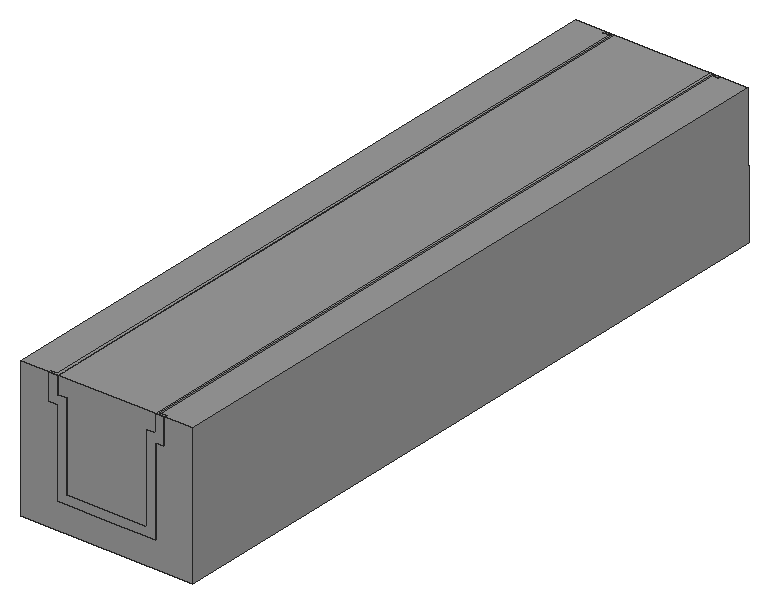
Revit family "T4000-HDSC", category Plumbing Fixtures, host Face, Revit 2013
Parameters (values of type "T4000-HDSC-9")
  WFU = 0
  URL = "www.mifab.com"
  Model = "T4000-HDSC"
  Manufacturer = "Mifab"
  Internal Width = 0' - 9 1/4"
  HWFU = 0
  Description = "Heavy Duty Utility Trench Drainage System with Fabricated Steel Body and Heavy Duty Solid Steel Covers"
  Depth = 1' - 0"
  Default Elevation = 0' - 0"
  CWFU = 0
  Body Material = Steel
Types (5): name | Internal Width | Depth | Body Material
  (no name) | 0' - 9 1/4" | 1' - 0" | Steel
  T4000-HDSC-9 | 0' - 9 1/4" | 1' - 0" | Steel
  T4000-HDSC-12 | 1' - 0" | 1' - 6" | none
  T4000-HDSC-18 | 1' - 6" | 2' - 0" | none
  T4000-HDSC-21 | 1' - 9" | 2' - 6" | none
Reference planes (in)
  plane 1 "Center (Front/Back)": y = 0
  plane 2: z = 0
  plane 3 "Center (Left/Right)": x = 0
  plane 4: y = -0.8557
Forms (in)
  Extrusion 1, solid, material "Concrete"
    sketch origin (-2.88513, 0, 0) x (1, 0, 0) y (0, 0, 1)
      loop
        line (12.81291, 0) -> (-7.04265, 0) -> (-7.04265, -16) -> (12.81291, -16) -> (12.81291, 0)
    from -39.1443 to 40.8557
  Extrusion 2, solid, material "Steel" <- "Body Material"
    sketch origin (0, 0, 0) x (1, 0, 0) y (0, 0, 1)
      loop
        line (-4.875, -3.38131) -> (-7.875, -3.38131) -> (-7.875, -3.63131) -> (-4.875, -3.63131) -> (-4.875, -3.38131)
      loop
        line (4.875, -3.38131) -> (4.875, -3.63131) -> (7.875, -3.63131) -> (7.875, -3.38131) -> (4.875, -3.38131)
    from -38.95165 to 40.52155
  Extrusion 3, solid, material "Steel" <- "Body Material"
    sketch origin (0, 0, 0) x (1, 0, 0) y (0, 0, 1)
      loop
        line (-5.92778, 0) -> (-5.92778, -2.25) -> (-4.875, -2.25) -> (-4.875, -12.25) -> (0, -12.25) -> (4.875, -12.25) -> (4.875, -2.25) -> (5.92778, -2.25) -> (5.92778, 0) -> (5.625, 0) -> (5.625, -2) -> (4.625, -2) -> (4.625, -12) -> (0, -12) -> (-4.625, -12) -> (-4.625, -2) -> (-5.625, -2) -> (-5.625, 0) -> (-5.92778, 0)
    from -39.1443 to 40.8557
  Extrusion 4, solid, material "Steel" <- "Body Material"
    sketch origin (0, 0, 0) x (1, 0, 0) y (0, 0, 1)
      loop
        line (-6.625, 0) -> (-6.625, -3) -> (-5.625, -3) -> (-5.625, -13) -> (0, -13) -> (5.625, -13) -> (5.625, -3) -> (6.625, -3) -> (6.625, 0) -> (5.92778, 0) -> (5.92778, -2.25) -> (4.875, -2.25) -> (4.875, -12.25) -> (0.02153, -12.25) -> (-4.875, -12.25) -> (-4.875, -2.25) -> (-5.92778, -2.25) -> (-5.92778, 0) -> (-6.625, 0)
    from 40.52155 to 40.8557
  Extrusion 5, solid, material "Steel" <- "Body Material"
    sketch origin (0, -1.71141, 0) x (1, 0, 0) y (0, 0, -1)
      loop
        line (-6.625, 0) -> (-5.92778, 0) -> (-5.92778, 2.25) -> (-4.875, 2.25) -> (-4.875, 12.25) -> (0.02153, 12.25) -> (4.875, 12.25) -> (4.875, 2.25) -> (5.92778, 2.25) -> (5.92778, 0) -> (6.625, 0) -> (6.625, 3) -> (5.625, 3) -> (5.625, 13) -> (0, 13) -> (-5.625, 13) -> (-5.625, 3) -> (-6.625, 3) -> (-6.625, 0)
    from 40.66305 to 40.8557
Cuts and joins
  joined: Extrusion 2, Extrusion 3, Extrusion 4, Extrusion 5
Dimensions and locks (in)
  locked: Extrusion 1 to Extrusion 1 at 80
  locked: Extrusion 4 to Extrusion 3 at 2
  locked: Extrusion 4 to Extrusion 3 at 1
  locked: Extrusion 1 to plane 4 at 40
  locked: Extrusion 3 to Extrusion 4 at 2
  locked: Extrusion 3 to Extrusion 4 at 1  (x2)
  equal spacing: Extrusion 3, plane 3 "Center (Left/Right)", Extrusion 3
  "Internal Width": Extrusion 3 to Extrusion 3
  "Depth": level to Extrusion 3
  locked: Extrusion 2 to Extrusion 4 at 1.25  (x2)
  locked: Extrusion 1 to Extrusion 4 at 4
  locked: Extrusion 4 to Extrusion 1 at 4
  locked: Extrusion 3 to Extrusion 1 at 4
  aligned and locked: plane 2 to host face
  aligned and locked: level to host face
  aligned and locked: Extrusion 1 to Extrusion 3  (x2)
  aligned and locked: Extrusion 1 to Extrusion 4
  aligned and locked: Extrusion 4 to Extrusion 3  (x3)
  aligned and locked: Extrusion 5 to Extrusion 4  (x3)
  aligned and locked: Extrusion 2 to Extrusion 3  (x2)
  aligned and locked: Extrusion 4 to Extrusion 5
  aligned and locked: Extrusion 5 to Extrusion 3  (x4)
  aligned and locked: Extrusion 5 to Extrusion 2  (x2)
  aligned and locked: Extrusion 3 to Extrusion 5
  aligned and locked: Extrusion 2 to Extrusion 4
  aligned and locked: Extrusion 2 to Extrusion 5
Automatic sketch dimensions
  host sketch curve to host sketch curve = 7' - 11.65733"
  host sketch curve to host sketch curve = 6' - 8"
  Extrusion 2 sketch curve to level = 0' - 3.38131"
  Extrusion 2 sketch curve to plane 3 "Center (Left/Right)" = 0' - 7 7/8"
  Extrusion 2 sketch curve to level = 0' - 3.63131"
  Extrusion 2 sketch curve to Extrusion 2 sketch curve = 0' - 3"  (x2)
  plane 3 "Center (Left/Right)" to Extrusion 2 sketch curve = 0' - 4 7/8"
  Extrusion 2 sketch curve to Extrusion 2 sketch curve = 0' - 0 1/4"  (x2)
  Extrusion 3 sketch curve to level = 0' - 0"  (x2)
  Extrusion 3 sketch curve to plane 3 "Center (Left/Right)" = 0' - 0"  (x2)
  Extrusion 3 sketch curve to level = 1' - 0 1/4"
  Extrusion 3 sketch curve to plane 3 "Center (Left/Right)" = 0' - 4 5/8"
  Extrusion 3 sketch curve to Extrusion 3 sketch curve = 0' - 0 1/4"  (x5)
  Extrusion 3 sketch curve to Extrusion 3 sketch curve = 0' - 1"
  Extrusion 3 sketch curve to Extrusion 3 sketch curve = 0' - 0.30278"  (x2)
  plane 3 "Center (Left/Right)" to Extrusion 3 sketch curve = 0' - 4 5/8"
  Extrusion 3 sketch curve to Extrusion 3 sketch curve = 0' - 0 3/4"
  Extrusion 3 sketch curve to level = 0' - 2 1/4"  (x2)
  Extrusion 4 sketch curve to level = 0' - 0"  (x2)
  Extrusion 4 sketch curve to plane 3 "Center (Left/Right)" = 0' - 0"
  Extrusion 4 sketch curve to plane 3 "Center (Left/Right)" = 0' - 5 5/8"
  Extrusion 4 sketch curve to level = 1' - 1"
  Extrusion 4 sketch curve to Extrusion 4 sketch curve = 0' - 0.30278"  (x2)
  Extrusion 4 sketch curve to Extrusion 4 sketch curve = 0' - 1"  (x2)
  Extrusion 4 sketch curve to Extrusion 4 sketch curve = 0' - 1.05278"
  plane 3 "Center (Left/Right)" to Extrusion 4 sketch curve = 0' - 0.02153"
  Extrusion 4 sketch curve to Extrusion 4 sketch curve = 0' - 4.85347"
  Extrusion 4 sketch curve to Extrusion 4 sketch curve = 0' - 0 3/4"  (x4)
  Extrusion 4 sketch curve to level = 0' - 3"  (x2)
  Extrusion 5 sketch curve to level = 0' - 0"  (x2)
  Extrusion 5 sketch curve to plane 3 "Center (Left/Right)" = 0' - 0"
  Extrusion 5 sketch curve to level = 0' - 2 1/4"  (x2)
  Extrusion 5 sketch curve to plane 3 "Center (Left/Right)" = 0' - 4 7/8"
  Extrusion 5 sketch curve to Extrusion 5 sketch curve = 0' - 0 3/4"  (x5)
  Extrusion 5 sketch curve to Extrusion 5 sketch curve = 0' - 0.30278"  (x2)
  Extrusion 5 sketch curve to Extrusion 5 sketch curve = 0' - 1"  (x2)
  plane 3 "Center (Left/Right)" to Extrusion 5 sketch curve = 0' - 0.02153"
  Extrusion 5 sketch curve to Extrusion 5 sketch curve = 0' - 4.85347"
  Extrusion 5 sketch curve to Extrusion 5 sketch curve = 0' - 9 1/4"
  Extrusion 1 sketch curve to plane 3 "Center (Left/Right)" = 0' - 9.92778"
  Extrusion 1 sketch curve to level = 0' - 0"
  plane 3 "Center (Left/Right)" to Extrusion 1 sketch curve = 0' - 9.92778"
  Extrusion 1 sketch curve to level = 1' - 4"
